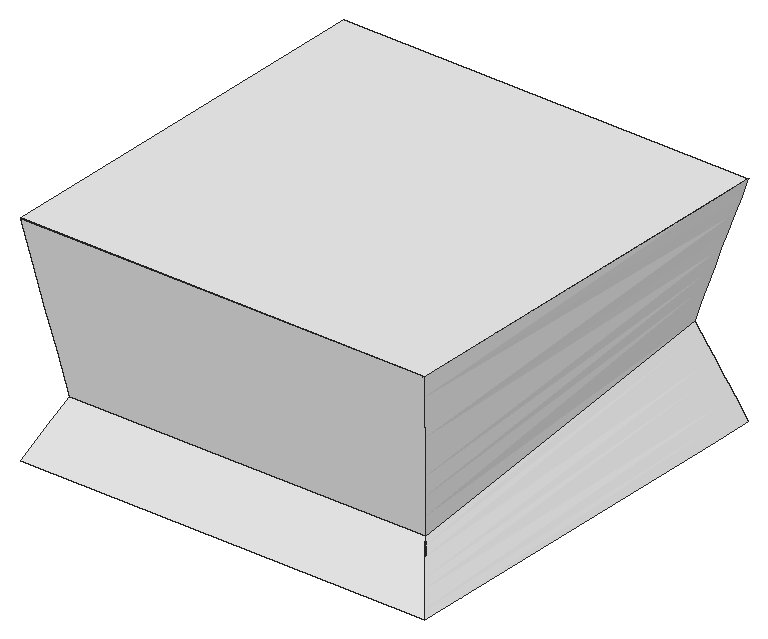
Revit family
Parameters
  Width = 2' - 2"  # constant formula
  URL = "http://elanbydecca.com/"
  Base [instance] = Furniture - DECCA (Elan) - Vertex - Base
  Product URL = "http://elanbydecca.com/PDFs/elan_tearsheet-vertex.pdf"
  Model = "VT CT100"
  Manufacturer = "Decca Contract"
  Height = 1' - 2"  # constant formula
  Description = "Vertex, Coffee Table"
  Depth = 2' - 2"  # constant formula
  Assembly Description = "Furniture & Accessories"
  Assembly Code = "E2020200"
Reference planes (in)
  plane 1 "Center Front/Back": y = -0.7524
  plane 2: z = 0
  plane 3 "Center Left/Right": x = 0
  plane 4 "L": x = -13
  plane 5 "R": x = 13
  plane 6 "F": y = -13.7524
  plane 7: y = 12.2476
  plane 8: through (-6.25338, 2.33237, 23.38953) normal (0.4297, -0.4297, 0.7941)
  plane 9: z = 14
  plane 10: z = 13.625
  plane 11: y = 13.2476
  plane 12: y = -14.7524
  plane 13: through (0, -11.72544, 3.38545) normal (0, 0.102, -0.9948)
  plane 14: z = 5.94595
  plane 15: z = 3.07509
Forms (in)
  Extrusion 1, solid, material "Furniture - DECCA (Elan) - Vertex - Base" <- "Base"
    sketch origin (0, 0, 8.32075) x (0, -1, 0) y (1, 0, 0)
      loop
        line (-12.2476, -13) -> (13.7524, -13) -> (13.7524, 13) -> (-12.2476, 13) -> (-12.2476, -13)
    from -8.32075 to 5.67925
  Extrusion 2, void
    sketch origin (0, 0, 0) x (0, 1, 0) y (0, 0, 1)
      loop
        line (12.2476, 0) -> (12.37335, 0) -> (12.37335, 13.971) -> (12.2476, 13.971) -> (10.70883, 5.68565) -> (12.2476, 0)
      loop
        line (-13.7524, 13.971) -> (-14.2524, 13.971) -> (-14.2524, 0) -> (-13.7524, 0) -> (-11.72544, 3.38545) -> (-13.7524, 13.971)
    from -14.94299 to 15.47545
  Blend 3, void
    base sketch origin (0, -16.42176, 0) x (1, 0, 0) y (0, 0, -1)
      loop
        line (-10.68852, -5.94595) -> (-13, 0) -> (-13.53681, 0) -> (-13.53681, -13.97101) -> (-12.99997, -13.97101) -> (-10.68852, -5.94595)
    top sketch origin (0, -16.42176, 0) x (1, 0, 0) y (0, 0, -1)
      loop
        line (-11.50712, -3.07509) -> (-13, 0) -> (-13.41159, 0) -> (-13.41159, -13.97101) -> (-12.99997, -13.97101) -> (-11.50712, -3.07509)
    from 29.66936 to 1.66936
  Blend 4, void
    base sketch origin (0, -16.42176, 0) x (-1, 0, 0) y (0, 0, 1)
      loop
        line (-10.68852, 5.94595) -> (-12.99997, 13.97101) -> (-13.53681, 13.97101) -> (-13.53681, 0) -> (-13, 0) -> (-10.68852, 5.94595)
    top sketch origin (0, -16.42176, 0) x (-1, 0, 0) y (0, 0, 1)
      loop
        line (-11.50712, 3.07509) -> (-12.99997, 13.97101) -> (-13.41159, 13.97101) -> (-13.41159, 0) -> (-13, 0) -> (-11.50712, 3.07509)
    from 29.66936 to 1.66936
Cuts and joins
  Extrusion 2, Blend 3, Blend 4 cuts Extrusion 1
Dimensions and locks (in)
  equal spacing: plane 4 "L", plane 3 "Center Left/Right", plane 5 "R"
  equal spacing: plane 7, plane 1 "Center Front/Back", plane 6 "F"
  "Width": plane 4 "L" to plane 5 "R"
  "Depth": plane 7 to plane 6 "F"
  "Height": plane 9 to level
  locked: plane 9 to plane 10 at 0.375
  aligned and locked: plane 4 "L" to Extrusion 1 sketch curve
  aligned and locked: plane 7 to Extrusion 1 sketch curve
  aligned and locked: plane 6 "F" to Extrusion 1 sketch curve
  aligned and locked: Extrusion 1 sketch curve to plane 5 "R"
  aligned and locked: Extrusion 1 to level
  aligned and locked: plane 9 to Extrusion 1
Automatic sketch dimensions
  Extrusion 2 sketch curve to level = 0' - 0"  (x2)
  Extrusion 2 sketch curve to plane 6 "F" = 0' - 0"  (x2)
  plane 13 to Extrusion 2 sketch curve = 0' - 0"  (x2)
  Extrusion 2 sketch curve to plane 7 = 0' - 0"
  Extrusion 2 sketch curve to plane 9 = 0' - 0.029"  (x2)
  Extrusion 2 sketch curve to Extrusion 2 sketch curve = 0' - 0 1/2"
  Extrusion 2 sketch curve to plane 15 = 0' - 0.31036"
  Extrusion 2 sketch curve to plane 14 = 0' - 0.2603"
  plane 7 to Extrusion 2 sketch curve = 0' - 0"
  Extrusion 2 sketch curve to Extrusion 2 sketch curve = 0' - 0.12575"
  Blend 3 sketch curve to level = 0' - 0"  (x2)
  Blend 3 sketch curve to plane 4 "L" = 0' - 0"  (x2)
  Blend 3 sketch curve to plane 14 = 0' - 0"
  Blend 3 sketch curve to Blend 3 sketch curve = 0' - 0.53681"
  Blend 3 sketch curve to plane 4 "L" = 0' - 0.00003"  (x2)
  Blend 3 sketch curve to plane 4 "L" = 0' - 2.31148"
  plane 9 to Blend 3 sketch curve = 0' - 0.02899"  (x2)
  Blend 3 sketch curve to plane 15 = 0' - 0"
  Blend 3 sketch curve to Blend 3 sketch curve = 0' - 0.41159"
  Blend 3 sketch curve to plane 4 "L" = 0' - 1.49288"
  Blend 4 sketch curve to level = 0' - 0"  (x2)
  plane 5 "R" to Blend 4 sketch curve = 0' - 0"  (x2)
  Blend 4 sketch curve to plane 14 = 0' - 0"
  Blend 4 sketch curve to Blend 4 sketch curve = 0' - 0.53681"
  plane 5 "R" to Blend 4 sketch curve = 0' - 0.00003"  (x2)
  plane 5 "R" to Blend 4 sketch curve = 0' - 2.31148"
  Blend 4 sketch curve to plane 9 = 0' - 0.02899"  (x2)
  Blend 4 sketch curve to plane 15 = 0' - 0"
  Blend 4 sketch curve to Blend 4 sketch curve = 0' - 0.41159"
  plane 5 "R" to Blend 4 sketch curve = 0' - 1.49288"
